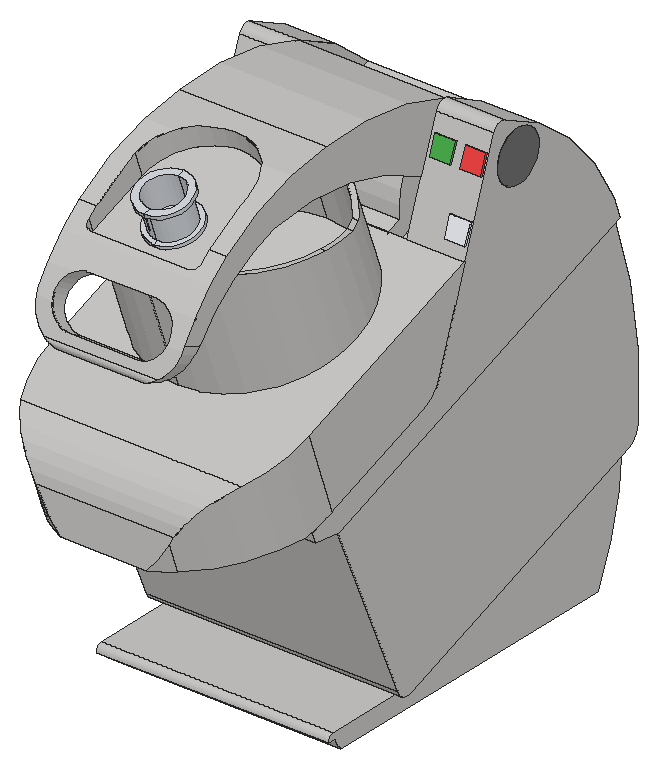
Revit family "QF_DITOSAMA_600425_DTRSYVVI", category Specialty Equipment, Revit 2018
Family settings
  Round Connector Dimension = Use Diameter
  Part Type = Normal
  Work Plane-Based = No
  Always vertical = Yes
  Cut with Voids When Loaded = No
  Shared = No
  Room Calculation Point = No
Parameters (values of type "Standard")
  Weight = 21.40 kg
  Watts = 0 W
  Volts = 200 V
  URL Manufacturer = "http://www.ditosama.com"
  URL = "http://www.ditosama.com"
  Steam Supply Size = 0 mm
  Steam Supply Minimum Pressure = 0.0 Pa
  Steam Supply Maximum Pressure = 0.0 Pa
  Steam Pounds per Hour = 0
  Refrigeration Suction Line Size = 0 mm
  Refrigeration Liquid Line Size = 0 mm
  Refrigerant Compressor Remote = yes
  Manufacturer = "Dito Sama"
  Phase = 1
  Model = "DTRSYVVI"
  Length Actual = 252 mm  # constant formula
  Item Number = "600425"
  Hot Water Size = 0 mm
  Height Actual = 515 mm  # constant formula
  HP = "0.7 HP"
  Gas Size = 0 mm
  Gas KW = 0
  Gas Input Pressure = 0 W
  Direct Waste Size = 0 mm
  Description = "VEGETABLE SLICER-VARIAB.SPEED-500W-220-240V/1N/50-60 CB APPROVED, SCHUKO PLUG"
  Depth Actual = 500 mm  # constant formula
  Cycle = 50 Hz
  Condensate Return Size = 0 mm
  Compressed Air Volume = 0.0 L/s
  Compressed Air Size = 0 mm
  Compressed Air Pressure = 0.0 Pa
  Cold Water Size = 0 mm
  Accessory = yes
Reference planes
  plane 1 "Center (Front/Back)": y = 0
  plane 2: z = 0
  plane 3 "Center (Left/Right)": x = 0
  plane 4 "BASE": through (-1506.947, -1354.442, -482.669) normal (0, -0.342, 0.9397)
  plane 5 "TOP": z = 780
  plane 6 "FRONT": y = -250
  plane 7 "BACK": y = 250
  plane 8 "LEFT": x = -126
  plane 9 "RIGHT": x = 126
  plane 10 "BaseSup": through (4267.2, -355.454, 143.983) normal (0, -0.342, 0.9397)
  plane 11 "TopCylinder": z = 502
  plane 12 "panel": through (4267.2, 37.396, 376.789) normal (0, -0.9397, 0.342)
  plane 13 "TAN1": through (4267.2, -242.8, 386.84) normal (0, -0.868, 0.4965)
  plane 14 "cx": x = -4.392
Forms (mm)
  Extrusion 1, solid, material "QF_Finishes_Stainless Steel"
    sketch origin (0, 71.755, 29.173) x (0, 0.939693, 0.34202) y (0, -0.34202, 0.939693)
      loop
        line (194.125, 30) -> (-100, 30) -> (-172.671, 56.45)
        arc (-172.671, 56.45) -> (-177.706, 56.23) -> (-181.11, 52.515) r 6.584
        line (-181.11, 52.515) -> (-172.825, 49.499)
        arc (-172.825, 49.499) -> (-173.282, 42.917) -> (-170.601, 36.887) r 13.662
        line (-170.601, 36.887) -> (125.402, -70.849)
        arc (125.402, -70.849) -> (140.415, -55.659) -> (154.125, -39.282) r 258.806
        arc (154.125, -39.282) -> (176.416, -5.964) -> (194.125, 30) r 303.676
    from -114.1 to 114.1
  Extrusion 2, solid, material "QF_Finishes_Stainless Steel"
    sketch origin (0, 71.755, 29.173) x (0, 0.939693, 0.34202) y (0, -0.34202, 0.939693)
      loop
        arc (-117.754, 231.836) -> (-115.421, 136.806) -> (-106.378, 42.177) r 1344.145
        arc (-106.378, 42.177) -> (-102.811, 33.567) -> (-94.2, 30) r 12.177
        line (-94.2, 30) -> (191.415, 30)
        arc (191.415, 30) -> (200.799, 34.052) -> (207.001, 42.177) r 20.212
        arc (207.001, 42.177) -> (237.263, 134.79) -> (245.906, 231.836) r 430.148
        line (245.906, 231.836) -> (-117.754, 231.836)
    from -123.6 to 123.2
  Extrusion 3, solid, material "QF_Finishes_Stainless Steel"
    sketch origin (0, 71.755, 29.173) x (0, 0.939693, 0.34202) y (0, -0.34202, 0.939693)
      loop
        line (-117.754, 231.836) -> (250, 231.836) -> (250, 254)
        arc (250, 254) -> (225.127, 344.7) -> (167.861, 419.303) r 244.524
        arc (167.861, 419.303) -> (160.498, 421.774) -> (153.587, 418.23) r 10
        line (153.587, 418.23) -> (25.432, 265.5)
        arc (25.432, 265.5) -> (14.376, 257.016) -> (0.77, 254) r 32.194
        line (0.77, 254) -> (-142.678, 254) -> (-142.678, 244) -> (-117.754, 231.836)
    from -125 to 125
  Extrusion 4, void
    sketch origin (0, 71.755, 29.173) x (0, 0.939693, 0.34202) y (0, -0.34202, 0.939693)
      loop
        line (146.605, 338.403) -> (228.145, 338.403)
        arc (228.145, 338.403) -> (202.221, 381.996) -> (167.861, 419.303) r 244.524
        arc (167.861, 419.303) -> (160.498, 421.774) -> (153.587, 418.23) r 10
        line (153.587, 418.23) -> (72.34, 321.403) -> (146.605, 321.403) -> (146.605, 338.403)
    from -76.755 to 68.071
  Extrusion 5, solid, material "QF_Finishes_Stainless Steel"
    sketch origin (0, 71.755, 29.173) x (0, 0.939693, 0.34202) y (0, -0.34202, 0.939693)
      loop
        line (86.605, 338.403) -> (69.605, 321.403) -> (146.605, 321.403) -> (146.605, 338.403) -> (138.179, 338.403) -> (138.179, 369.367)
        arc (138.179, 369.367) -> (147.784, 373.474) -> (158.149, 372.174) r 19.987
        arc (158.149, 372.174) -> (156.791, 382.001) -> (162.888, 389.826) r 12.748
        arc (162.888, 389.826) -> (123.302, 374.774) -> (101.605, 338.403) r 64.447
        line (101.605, 338.403) -> (86.605, 338.403)
    from -65 to 50
  Extrusion 6, solid, material "QF_Finishes_Stainless Steel"
    sketch origin (539, 71.755, 29.173) x (0, -0.939693, -0.34202) y (0, -0.34202, 0.939693)
      loop
        circle (-169.102, 378.696) r 12.748
    from 489 to 604
  Extrusion 7, solid, material "QF_Finishes_Rubber Black"
    sketch origin (0, 71.755, 29.173) x (0, 0.939693, 0.34202) y (0, -0.34202, 0.939693)
      loop
        circle (169.102, 378.696) r 25
    from 125 to 126.6
  Extrusion 8, solid, material "QF_Finishes_Green"
    sketch origin (-10, -113.728, -38.42) x (0, -0.34202, -0.939693) y (1, 0, 0)
      loop
        line (-529.862, 82.865) -> (-509.862, 82.865) -> (-509.862, 102.865) -> (-529.862, 102.865) -> (-529.862, 82.865)
    from 0 to 1.6
  Extrusion 9, solid, material "QF_Finishes_Red"
    sketch origin (20, -113.728, -38.42) x (0, -0.34202, -0.939693) y (1, 0, 0)
      loop
        line (-529.862, 82.865) -> (-509.862, 82.865) -> (-509.862, 102.865) -> (-529.862, 102.865) -> (-529.862, 82.865)
    from 0 to 1.6
  Extrusion 10, solid, material "QF_Finishes_White"
    sketch origin (19.976, -149.421, -75.636) x (0, -0.34202, -0.939693) y (1, 0, 0)
      loop
        line (-521.192, 82.865) -> (-501.192, 82.865) -> (-501.192, 102.865) -> (-521.192, 102.865) -> (-521.192, 82.865)
    from 0 to 1.6
  Extrusion 11, solid, material "QF_Finishes_Rubber Black"
    sketch origin (-20, -306.935, 99.376) x (0, -1, 0) y (1, 0, 0)
      loop
        circle (-230.144, 103.748) r 10
      loop
        circle (-230.144, -61.252) r 10
    from 9.274 to 3.787
  Extrusion 12, void
    sketch origin (-20.94, 306.731, 139.428) x (-1, 0, 0) y (0, -0.34202, 0.939693)
      loop
        circle (-20.94, 196.093) r 10
    from -1.916 to -26.433
  Extrusion 13, solid, material "QF_Finishes_Stainless Steel"
    sketch origin (-20.94, 306.678, 139.573) x (-1, 0, 0) y (0, -0.34202, 0.939693)
      loop
        circle (-20.94, 195.939) r 9.999
    from -8.514 to -26.433
  Extrusion 14, solid, material "QF_Finishes_Stainless Steel"
    sketch origin (0, -15.119, 267.855) x (0, -0.939693, -0.34202) y (1, 0, 0)
      loop
        line (-86.605, -125) -> (117.754, -125)
        arc (117.754, -125) -> (182.577, -108.838) -> (232.224, -64.135) r 138.076
        arc (232.224, -64.135) -> (246.337, -33.516) -> (250, 0) r 104.824
        arc (250, 0) -> (246.337, 33.516) -> (232.224, 64.135) r 104.824
        arc (232.224, 64.135) -> (182.577, 108.838) -> (117.754, 125) r 138.076
        line (117.754, 125) -> (-86.605, 125) -> (-86.605, -125)
    from 0 to 84.403
  Extrusion 15, void
    sketch origin (0, 71.755, 29.173) x (0, 0.939693, 0.34202) y (0, -0.34202, 0.939693)
      loop
        line (-148.177, 254) -> (-243.49, 272.527) -> (-229.509, 307.133)
        arc (-229.509, 307.133) -> (-211.109, 329.855) -> (-183.149, 338.403) r 50
        line (-183.149, 338.403) -> (-263.395, 338.403) -> (-263.395, 254) -> (-148.177, 254)
      loop
        line (86.605, 338.403) -> (25.432, 265.5)
        arc (25.432, 265.5) -> (14.376, 257.016) -> (0.77, 254) r 32.194
        line (0.77, 254) -> (86.605, 254) -> (86.605, 338.403)
    from -156.555 to 144.79
  Extrusion 16, solid, material "QF_Finishes_Rubber Black"
    sketch origin (-20, -28.598, 99.376) x (0, -1, 0) y (1, 0, 0)
      loop
        circle (-230.144, 103.748) r 10
      loop
        circle (-230.144, -61.252) r 10
    from 9.274 to 3.787
  Extrusion 17, solid, material "QF_Finishes_Stainless Steel"
    sketch origin (0, 0, 0) x (0, 1, 0) y (0, 0, 1)
      loop
        arc (-237.987, 360.286) -> (-193.334, 422.101) -> (-125.907, 457.716) r 167.502
        arc (-125.907, 457.716) -> (-32.614, 457.202) -> (54.785, 424.565) r 266.494
        line (54.785, 424.565) -> (73.036, 474.711)
        arc (73.036, 474.711) -> (77.269, 479.853) -> (83.792, 481.198) r 10
        arc (83.792, 481.198) -> (12.917, 500.705) -> (-60.594, 500.999) r 278.64
        arc (-60.594, 500.999) -> (-125.023, 488.463) -> (-183.511, 458.675) r 236.13
        arc (-183.511, 458.675) -> (-222.818, 420.732) -> (-248.457, 372.49) r 174.407
        arc (-248.457, 372.49) -> (-249.83, 368.135) -> (-247.05, 364.513) r 4.945
        line (-247.05, 364.513) -> (-237.987, 360.286)
    from -76.755 to 68.071
  Extrusion 18, void
    sketch origin (0, -252.846, 369.279) x (0, -0.496521, -0.868025) y (1, 0, 0)
      loop
        line (-13.723, -36.755) -> (-13.723, 28.071)
        arc (-13.723, 28.071) -> (-38.723, 53.071) -> (-63.723, 28.071) r 25
        line (-63.723, 28.071) -> (-63.723, -36.755)
        arc (-63.723, -36.755) -> (-38.723, -61.755) -> (-13.723, -36.755) r 25
    from -148.493 to 7.125
  Extrusion 19, void
    sketch origin (0, -88.076, 32.057) x (0, -0.34202, -0.939693) y (1, 0, 0)
      loop
        line (-257.162, 68.071) -> (-297.162, 68.071)
        arc (-297.162, 68.071) -> (-268.878, 56.356) -> (-257.162, 28.071) r 40
        line (-257.162, 28.071) -> (-257.162, 68.071)
      loop
        line (-257.162, -76.755) -> (-257.162, -36.755)
        arc (-257.162, -36.755) -> (-268.878, -65.039) -> (-297.162, -76.755) r 40
        line (-297.162, -76.755) -> (-257.162, -76.755)
    from 233.374 to 280.473
  Extrusion 20, void
    sketch origin (0, -73.76, 246.511) x (0, -0.939693, -0.34202) y (1, 0, 0)
      loop
        spline (50.415, 43.499) -> (50.302, 44.538) -> (50.07, 45.551) -> (49.722, 46.523) -> (49.265, 47.436) -> (48.705, 48.278) -> (48.053, 49.034) -> (47.317, 49.692) -> (46.511, 50.241) -> (45.647, 50.674) -> (44.738, 50.981) -> (43.801, 51.16) -> (42.848, 51.221)
        line (42.848, 51.221) -> (-21.826, 51.221)
        arc (-21.826, 51.221) -> (-77.476, -4.429) -> (-21.826, -60.078) r 55.65
        line (-21.826, -60.078) -> (42.849, -60.064)
        spline (42.849, -60.064) -> (43.796, -60.017) -> (44.73, -59.836) -> (45.637, -59.525) -> (46.5, -59.088) -> (47.306, -58.532) -> (48.042, -57.867) -> (48.695, -57.103) -> (49.256, -56.253) -> (49.715, -55.331) -> (50.065, -54.351) -> (50.3, -53.329) -> (50.415, -52.283)
        line (50.415, -52.283) -> (50.415, 43.499)
    from 219.928 to 259.975
  Extrusion 21, void
    sketch origin (0, -87.856, 241.381) x (0, -0.939693, -0.34202) y (1, 0, 0)
      loop
        circle (-4.976, -4.429) r 22.5
    from 184.171 to 259.975
  Extrusion 22, solid, material "QF_Finishes_Stainless Steel"
    sketch origin (0, -57.13, 252.564) x (0, -0.939693, -0.34202) y (1, 0, 0)
      loop
        circle (-27.476, -4.429) r 100
      loop
        circle (-27.476, -4.429) r 95
    from 84.403 to 219.928
  Extrusion 23, void
    sketch origin (539, 0, 0) x (0, -1, 0) y (0, 0, 1)
      loop
        line (-7.229, 448.453) -> (38.883, 431.669) -> (53.883, 431.669) -> (97.232, 435.738) -> (172.232, 435.738) -> (200.5, 434.424) -> (12.562, 502.828) -> (-7.229, 448.453)
    from 424.9 to 664
  Revolve 24, solid
    sketch origin (-4.392, 0, 0) x (0, 1, 0) y (0, 0, 1)
      loop
        line (-159.523, 452.833) -> (-177.266, 446.376) -> (-188.766, 477.973) -> (-195.199, 475.631) -> (-193.959, 472.225) -> (-189.261, 473.935) -> (-179, 445.744) -> (-183.698, 444.034) -> (-182.575, 440.948) -> (-179.543, 442.052) -> (-133.191, 314.7) -> (-112.048, 322.396) -> (-159.523, 452.833)
      axis (-112.048, 322.396) -> (-171.023, 484.431)
    angle from 0 to 360
  Extrusion 25, solid, material "QF_Door-Drawer Clearances", detail levels coarse
    sketch origin (0, -259.129, 728.467) x (0, -0.462376, -0.886684) y (0, 0.886684, -0.462376)
      loop
        arc (-237.987, 360.286) -> (-193.334, 422.101) -> (-125.907, 457.716) r 167.502
        arc (-125.907, 457.716) -> (-32.614, 457.202) -> (54.785, 424.565) r 266.494
        line (54.785, 424.565) -> (59.562, 427.056)
        arc (59.562, 427.056) -> (59.025, 458.234) -> (62.46, 489.226) r 244.524
        arc (62.46, 489.226) -> (1.594, 502.023) -> (-60.594, 500.999) r 278.64
        arc (-60.594, 500.999) -> (-125.023, 488.463) -> (-183.511, 458.675) r 236.13
        arc (-183.511, 458.675) -> (-222.818, 420.732) -> (-248.457, 372.49) r 174.407
        arc (-248.457, 372.49) -> (-249.83, 368.135) -> (-247.05, 364.513) r 4.945
        line (-247.05, 364.513) -> (-237.987, 360.286)
    from -76.755 to 68.071
  Extrusion 26, solid, material "QF_Door-Drawer Clearances", detail levels coarse
    sketch origin (-4.392, 0, 0) x (0, 1, 0) y (0, 0, 1)
      loop
        arc (180.062, 780.324) -> (-149.234, 694.151) -> (-249.905, 368.994) r 350.321
        line (-249.905, 368.994) -> (-246.546, 377.767)
        arc (-246.546, 377.767) -> (-144.345, 691.9) -> (174.993, 776.44) r 345.321
        line (174.993, 776.44) -> (180.062, 780.324)
    from -60 to 60
Cuts and joins
  Extrusion 4, Extrusion 19, Extrusion 20, Extrusion 21 cuts Extrusion 3
  Extrusion 15, Extrusion 19, Extrusion 20, Extrusion 21 cuts Extrusion 14
  Extrusion 18, Extrusion 19, Extrusion 20, Extrusion 21 cuts Extrusion 17
  Extrusion 12, Extrusion 20, Extrusion 21 cuts Extrusion 2
  Extrusion 23 cuts Extrusion 22
Lines and regions (mm)
  model lines
    curve 1: line (-65, 80.335, 302.597) -> (50, 80.335, 302.597)
    curve 2: line (-65, 83.13, 303.615) -> (50, 83.13, 303.615)
Dimensions and locks
  plane 5 "TOP" to level = 780 mm
  plane 8 "LEFT" to plane 3 "Center (Left/Right)" to plane 9 "RIGHT" = 126 mm, 126 mm
  plane 7 "BACK" to plane 1 "Center (Front/Back)" to plane 6 "FRONT" = 250 mm, 250 mm
  plane 5 "TOP" to plane 2 = 780 mm
  plane 5 "TOP" to plane 11 "TopCylinder" = 278 mm
  plane 6 "FRONT" to plane 7 "BACK" = 500 mm
  plane 7 "BACK" to plane 6 "FRONT" = 500 mm
  plane 11 "TopCylinder" to level = 502 mm
  aligned and locked: level to plane 2
Connectors
  electrical at (0, 231.662, 320.783), driven by "Volts"
    settings: on Extrusion 13, index 1, voltage 200 V, apparent load 0 VA, apparent load phase1 0 VA, apparent load phase2 0 VA, apparent load phase3 0 VA, power factor 1, load classification "Other", number of poles 1, system type 30, power factor state 1, is connector primary yes, connector utility no, sub classification motor no, connector description "Electrical Connection"
